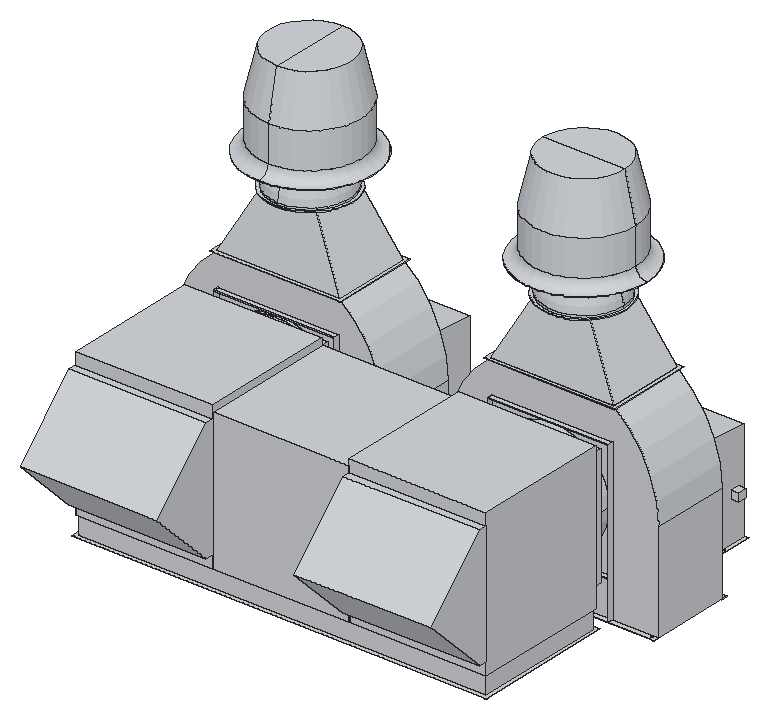
Revit family "Dual_CAVP_with_Mixing_Box", category Mechanical Equipment, Revit 2019 (continued)
Types (228): name | TRANSITION/2 | TRANSITION | RO2/2 | RO/2 | N_B_R+1.5" | MB_P+MB_P+.5 | E/52*30 | E/2-H/2 | E-N-N-H | E-(NOZZLE_RAD/3*2) | DUAL_Q-4.5" | DUAL_Q+.25" | DUAL_Q | R-((B/2)+1.5") | R+((B/2)+1.5") | R*1.1 | R | MB_P-4.5" | MB_P+.25" | P | NOZZLE_WB_RAD-2" | NOZZLE_WB_RAD | NOZZLE_WB_OD | NOZZLE_WB/4 | NOZZLE_TOP_RAD | NOZZLE_TOP_OD | NOZZLE_SIZE | NOZZLE_HEIGHT/7*2 | NOZZLE_HEIGHT | NOZZLE_BOTTOM_RAD-3*2 | NOZZLE_BOTTOM_RAD | NOZZLE_BOTTOM_ID | MB_N-(D-J-K-L) | N+(H/2) | N | MB_Q | MB_P | MB_N | MB_HEIGHT/2 | MB_HEIGHT | MB_F | MB_A | M-(2*(D-L-K-J)) | M | L | K | J+K+L | J | HEIGHT | H/2 | H | F/2 | MB_F-3" | F | E/52*15 | E/2 | E | D-M | D-L-K-J | D | CLASS | C/2 | C | B/4 | B/2 | B | A/2 | A | Type Comments | -MB_P-.25 | -MB_P | -MB_HEIGHT | -(F-((F-H)/2))/2 | -((MB_Q / 2) + 1/8") | (NOZZLE_WB_OD - NOZZLE_TOP_OD) / 4 | (NOZZLE_HEIGHT - (NOZZLE_HEIGHT / 8 * 2)) / 2 | (MB_Q/2)+.125" | (MB_P/2-.125")-((F / 2) - 2") | (MB_P/2-.125")+((F / 2) - 2") | (MB_P/2)+.125" | (M - (2 * (D - L - K - J)))/2 | (F-((F-H)/2))/2 | (E/2)-(E/52*15) | (E/2)-((MB_P/2)+.125") | (E/2)-((B/2)+1.5") | (D-J-K-L)*2 | (B/2)-.125" | (B/2)+1.5" | ((M - (2 * (D - L - K - J))) / 2) + (TRANSITION / 2)
  Dual_660_CAVP-36H_CLASS_2_With_Mixing_Box | 18.29639" | 36.59278" | 122 7/16" | 39 1/4" | 27 3/8" | 166 1/2" | 79.57933" | 31 5/8" | 2" | 51 23/32" | 244 7/8" | 249 5/8" | 249 3/8" | 27 1/2" | 102 1/2" | 71 1/2" | 65" | 78 1/2" | 83 1/4" | 29 1/2" | 43" | 45" | 90" | 18" | 29" | 58" | 36" | 23 3/4" | 95" | 19 7/8" | 25 7/8" | 51 3/4" | 12 1/4" | 66 31/32" | 29 5/8" | 83" | 83" | 13 5/8" | 46 3/4" | 93 1/2" | 24 1/4" | 252 3/8" | 51 3/16" | 53 15/16" | 56 1/4" | 38 5/8" | 109 7/8" | 15" | 125.23731" | 37 11/32" | 74 11/16" | 38 11/32" | 21 1/4" | 76 11/16" | 39.78966" | 68 31/32" | 137 15/16" | 57 5/16" | 1 3/8" | 111 1/4" | 2" | 80 1/8" | 160 1/4" | 18" | 36" | 72" | 135 1/8" | 270 1/4" | "Dual Vari-Plume Laboratory Exhaust Centrifugal Airfoil Class 2 Arr 10 With Mixing Box" | -83 1/4" | -83" | -93 1/2" | -36 11/32" | -41 5/8" | 8" | 35 5/8" | 41 5/8" | -5 1/32" | -77 23/32" | 41 5/8" | 25 19/32" | 36 11/32" | 29.17909" | 27 11/32" | 31 15/32" | 2 3/4" | 35 7/8" | 37 1/2" | 43.89014"
  Dual_660_CAVP-36L_CLASS_2_With_Mixing_Box | 18.29639" | 36.59278" | 122 7/16" | 39 1/4" | 27 3/8" | 166 1/2" | 79.57933" | 31 5/8" | 2" | 51 23/32" | 244 7/8" | 249 5/8" | 249 3/8" | 27 1/2" | 102 1/2" | 71 1/2" | 65" | 78 1/2" | 83 1/4" | 29 1/2" | 43" | 45" | 90" | 18" | 29" | 58" | 36" | 23 3/4" | 95" | 19 7/8" | 25 7/8" | 51 3/4" | 12 1/4" | 66 31/32" | 29 5/8" | 83" | 83" | 13 5/8" | 46 3/4" | 93 1/2" | 24 1/4" | 252 3/8" | 51 3/16" | 53 15/16" | 56 1/4" | 38 5/8" | 109 7/8" | 15" | 125.23731" | 37 11/32" | 74 11/16" | 38 11/32" | 21 1/4" | 76 11/16" | 39.78966" | 68 31/32" | 137 15/16" | 57 5/16" | 1 3/8" | 111 1/4" | 2" | 80 1/8" | 160 1/4" | 18" | 36" | 72" | 135 1/8" | 270 1/4" | "Dual Vari-Plume Laboratory Exhaust Centrifugal Airfoil Class 2 Arr 10 With Mixing Box" | -83 1/4" | -83" | -93 1/2" | -36 11/32" | -41 5/8" | 8" | 35 5/8" | 41 5/8" | -5 1/32" | -77 23/32" | 41 5/8" | 25 19/32" | 36 11/32" | 29.17909" | 27 11/32" | 31 15/32" | 2 3/4" | 35 7/8" | 37 1/2" | 43.89014"
  Dual_660_CAVP-49L_CLASS_2_With_Mixing_Box | 24.52777" | 49.05553" | 122 7/16" | 39 1/4" | 36 3/16" | 166 1/2" | 79.57933" | 31 5/8" | 2" | 45 27/32" | 244 7/8" | 249 5/8" | 249 3/8" | 27 1/2" | 102 1/2" | 71 1/2" | 65" | 78 1/2" | 83 1/4" | 29 1/2" | 48 1/2" | 50 1/2" | 101" | 20.2" | 38" | 76" | 49" | 27 1/2" | 110" | 28 11/16" | 34 11/16" | 69 3/8" | 12 1/4" | 66 31/32" | 29 5/8" | 83" | 83" | 13 5/8" | 46 3/4" | 93 1/2" | 24 1/4" | 252 3/8" | 51 3/16" | 53 15/16" | 56 1/4" | 38 5/8" | 109 7/8" | 15" | 125.23731" | 37 11/32" | 74 11/16" | 38 11/32" | 21 1/4" | 76 11/16" | 39.78966" | 68 31/32" | 137 15/16" | 57 5/16" | 1 3/8" | 111 1/4" | 2" | 80 1/8" | 160 1/4" | 18" | 36" | 72" | 135 1/8" | 270 1/4" | "Dual Vari-Plume Laboratory Exhaust Centrifugal Airfoil Class 2 Arr 10 With Mixing Box" | -83 1/4" | -83" | -93 1/2" | -36 11/32" | -41 5/8" | 6 1/4" | 41 1/4" | 41 5/8" | -5 1/32" | -77 23/32" | 41 5/8" | 25 19/32" | 36 11/32" | 29.17909" | 27 11/32" | 31 15/32" | 2 3/4" | 35 7/8" | 37 1/2" | 50.12152"
  Dual_730_CAVP-36H_CLASS_1_With_Mixing_Box | 18.29639" | 36.59278" | 132 15/16" | 42 3/4" | 27 3/8" | 180 1/2" | 87.90865" | 35 11/32" | 2" | 58 15/16" | 265 7/8" | 270 5/8" | 270 3/8" | 31" | 113" | 79.2" | 72" | 85 1/2" | 90 1/4" | 22 1/8" | 43" | 45" | 90" | 18" | 29" | 58" | 36" | 23 3/4" | 95" | 19 7/8" | 25 7/8" | 51 3/4" | 12 1/4" | 74 3/16" | 33 11/32" | 90" | 90" | 13 5/8" | 52" | 104" | 27 3/4" | 248 1/128" | 56 1/2" | 59 1/4" | 61 9/16" | 29 7/8" | 106 15/16" | 15 1/2" | 138.54216" | 40 27/32" | 81 11/16" | 41 27/32" | 24 3/4" | 83 11/16" | 43.95433" | 76 3/16" | 152 3/8" | 49 1/16" | 1 3/8" | 108 5/16" | 1" | 88 3/16" | 176 3/8" | 19 3/4" | 39 1/2" | 79" | 143 3/16" | 286 3/8" | "Dual Vari-Plume Laboratory Exhaust Centrifugal Airfoil Class 1 Arr 10 With Mixing Box" | -90 1/4" | -90" | -104" | -39 27/32" | -45 1/8" | 8" | 35 5/8" | 45 1/8" | -5 1/32" | -84 23/32" | 45 1/8" | 28 1/4" | 39 27/32" | 32.23317" | 31 1/16" | 35 3/16" | 2 3/4" | 39 3/8" | 41" | 46.54639"
  Dual_730_CAVP-36L_CLASS_1_With_Mixing_Box | 18.29639" | 36.59278" | 132 15/16" | 42 3/4" | 27 3/8" | 180 1/2" | 87.90865" | 35 11/32" | 2" | 58 15/16" | 265 7/8" | 270 5/8" | 270 3/8" | 31" | 113" | 79.2" | 72" | 85 1/2" | 90 1/4" | 22 1/8" | 43" | 45" | 90" | 18" | 29" | 58" | 36" | 23 3/4" | 95" | 19 7/8" | 25 7/8" | 51 3/4" | 12 1/4" | 74 3/16" | 33 11/32" | 90" | 90" | 13 5/8" | 52" | 104" | 27 3/4" | 261 11/16" | 56 1/2" | 59 1/4" | 61 9/16" | 29 7/8" | 106 15/16" | 15 1/2" | 138.54216" | 40 27/32" | 81 11/16" | 41 27/32" | 24 3/4" | 83 11/16" | 43.95433" | 76 3/16" | 152 3/8" | 49 1/16" | 1 3/8" | 108 5/16" | 1" | 88 3/16" | 176 3/8" | 19 3/4" | 39 1/2" | 79" | 143 3/16" | 286 3/8" | "Dual Vari-Plume Laboratory Exhaust Centrifugal Airfoil Class 1 Arr 10 With Mixing Box" | -90 1/4" | -90" | -104" | -39 27/32" | -45 1/8" | 8" | 35 5/8" | 45 1/8" | -5 1/32" | -84 23/32" | 45 1/8" | 28 1/4" | 39 27/32" | 32.23317" | 31 1/16" | 35 3/16" | 2 3/4" | 39 3/8" | 41" | 46.54639"
  Dual_730_CAVP-49H_CLASS_1_With_Mixing_Box | 24.52777" | 49.05553" | 132 15/16" | 42 3/4" | 36 3/16" | 180 1/2" | 87.90865" | 35 11/32" | 2" | 53 1/16" | 265 7/8" | 270 5/8" | 270 3/8" | 31" | 113" | 79.2" | 72" | 85 1/2" | 90 1/4" | 22 1/8" | 48 1/2" | 50 1/2" | 101" | 20.2" | 38" | 76" | 49" | 27 1/2" | 110" | 28 11/16" | 34 11/16" | 69 3/8" | 12 1/4" | 74 3/16" | 33 11/32" | 90" | 90" | 13 5/8" | 52" | 104" | 27 3/4" | 261 11/16" | 56 1/2" | 59 1/4" | 61 9/16" | 29 7/8" | 106 15/16" | 15 1/2" | 138.54216" | 40 27/32" | 81 11/16" | 41 27/32" | 24 3/4" | 83 11/16" | 43.95433" | 76 3/16" | 152 3/8" | 49 1/16" | 1 3/8" | 108 5/16" | 1" | 88 3/16" | 176 3/8" | 19 3/4" | 39 1/2" | 79" | 143 3/16" | 286 3/8" | "Dual Vari-Plume Laboratory Exhaust Centrifugal Airfoil Class 1 Arr 10 With Mixing Box" | -90 1/4" | -90" | -104" | -39 27/32" | -45 1/8" | 6 1/4" | 41 1/4" | 45 1/8" | -5 1/32" | -84 23/32" | 45 1/8" | 28 1/4" | 39 27/32" | 32.23317" | 31 1/16" | 35 3/16" | 2 3/4" | 39 3/8" | 41" | 52.77777"
  Dual_730_CAVP-49L_CLASS_1_With_Mixing_Box | 24.52777" | 49.05553" | 132 15/16" | 42 3/4" | 36 3/16" | 180 1/2" | 87.90865" | 35 11/32" | 2" | 53 1/16" | 265 7/8" | 270 5/8" | 270 3/8" | 31" | 113" | 79.2" | 72" | 85 1/2" | 90 1/4" | 22 1/8" | 48 1/2" | 50 1/2" | 101" | 20.2" | 38" | 76" | 49" | 27 1/2" | 110" | 28 11/16" | 34 11/16" | 69 3/8" | 12 1/4" | 74 3/16" | 33 11/32" | 90" | 90" | 13 5/8" | 52" | 104" | 27 3/4" | 261 11/16" | 56 1/2" | 59 1/4" | 61 9/16" | 29 7/8" | 106 15/16" | 15 1/2" | 138.54216" | 40 27/32" | 81 11/16" | 41 27/32" | 24 3/4" | 83 11/16" | 43.95433" | 76 3/16" | 152 3/8" | 49 1/16" | 1 3/8" | 108 5/16" | 1" | 88 3/16" | 176 3/8" | 19 3/4" | 39 1/2" | 79" | 143 3/16" | 286 3/8" | "Dual Vari-Plume Laboratory Exhaust Centrifugal Airfoil Class 1 Arr 10 With Mixing Box" | -90 1/4" | -90" | -104" | -39 27/32" | -45 1/8" | 6 1/4" | 41 1/4" | 45 1/8" | -5 1/32" | -84 23/32" | 45 1/8" | 28 1/4" | 39 27/32" | 32.23317" | 31 1/16" | 35 3/16" | 2 3/4" | 39 3/8" | 41" | 52.77777"
  Dual_730_CAVP-36H_CLASS_2_With_Mixing_Box | 18.29639" | 36.59278" | 132 15/16" | 42 3/4" | 27 3/8" | 180 1/2" | 87.90865" | 35 11/32" | 2" | 58 15/16" | 265 7/8" | 270 5/8" | 270 3/8" | 31" | 113" | 79.2" | 72" | 85 1/2" | 90 1/4" | 29 1/2" | 43" | 45" | 90" | 18" | 29" | 58" | 36" | 23 3/4" | 95" | 19 7/8" | 25 7/8" | 51 3/4" | 12 1/4" | 74 3/16" | 33 11/32" | 90" | 90" | 13 5/8" | 52" | 104" | 27 3/4" | 270 7/16" | 56 1/2" | 59 1/4" | 61 1/2" | 38 5/8" | 115 5/8" | 15 1/2" | 138.54216" | 40 27/32" | 81 11/16" | 41 27/32" | 24 3/4" | 83 11/16" | 43.95433" | 76 3/16" | 152 3/8" | 57 3/4" | 1 3/8" | 117" | 2" | 88 3/16" | 176 3/8" | 19 3/4" | 39 1/2" | 79" | 143 3/16" | 286 3/8" | "Dual Vari-Plume Laboratory Exhaust Centrifugal Airfoil Class 2 Arr 10 With Mixing Box" | -90 1/4" | -90" | -104" | -39 27/32" | -45 1/8" | 8" | 35 5/8" | 45 1/8" | -5 1/32" | -84 23/32" | 45 1/8" | 28 1/4" | 39 27/32" | 32.23317" | 31 1/16" | 35 3/16" | 2 3/4" | 39 3/8" | 41" | 46.54639"
  Dual_730_CAVP-36L_CLASS_2_With_Mixing_Box | 18.29639" | 36.59278" | 132 15/16" | 42 3/4" | 27 3/8" | 180 1/2" | 87.90865" | 35 11/32" | 2" | 58 15/16" | 265 7/8" | 270 5/8" | 270 3/8" | 31" | 113" | 79.2" | 72" | 85 1/2" | 90 1/4" | 29 1/2" | 43" | 45" | 90" | 18" | 29" | 58" | 36" | 23 3/4" | 95" | 19 7/8" | 25 7/8" | 51 3/4" | 12 1/4" | 74 3/16" | 33 11/32" | 90" | 90" | 13 5/8" | 52" | 104" | 27 3/4" | 270 7/16" | 56 1/2" | 59 1/4" | 61 1/2" | 38 5/8" | 115 5/8" | 15 1/2" | 138.54216" | 40 27/32" | 81 11/16" | 41 27/32" | 24 3/4" | 83 11/16" | 43.95433" | 76 3/16" | 152 3/8" | 57 3/4" | 1 3/8" | 117" | 2" | 88 3/16" | 176 3/8" | 19 3/4" | 39 1/2" | 79" | 143 3/16" | 286 3/8" | "Dual Vari-Plume Laboratory Exhaust Centrifugal Airfoil Class 2 Arr 10 With Mixing Box" | -90 1/4" | -90" | -104" | -39 27/32" | -45 1/8" | 8" | 35 5/8" | 45 1/8" | -5 1/32" | -84 23/32" | 45 1/8" | 28 1/4" | 39 27/32" | 32.23317" | 31 1/16" | 35 3/16" | 2 3/4" | 39 3/8" | 41" | 46.54639"
  Dual_730_CAVP-49H_CLASS_2_With_Mixing_Box | 24.52777" | 49.05553" | 132 15/16" | 42 3/4" | 36 3/16" | 180 1/2" | 87.90865" | 35 11/32" | 2" | 53 1/16" | 265 7/8" | 270 5/8" | 270 3/8" | 31" | 113" | 79.2" | 72" | 85 1/2" | 90 1/4" | 29 1/2" | 48 1/2" | 50 1/2" | 101" | 20.2" | 38" | 76" | 49" | 27 1/2" | 110" | 28 11/16" | 34 11/16" | 69 3/8" | 12 1/4" | 74 3/16" | 33 11/32" | 90" | 90" | 13 5/8" | 52" | 104" | 27 3/4" | 270 7/16" | 56 1/2" | 59 1/4" | 61 1/2" | 38 5/8" | 115 5/8" | 15 1/2" | 138.54216" | 40 27/32" | 81 11/16" | 41 27/32" | 24 3/4" | 83 11/16" | 43.95433" | 76 3/16" | 152 3/8" | 57 3/4" | 1 3/8" | 117" | 2" | 88 3/16" | 176 3/8" | 19 3/4" | 39 1/2" | 79" | 143 3/16" | 286 3/8" | "Dual Vari-Plume Laboratory Exhaust Centrifugal Airfoil Class 2 Arr 10 With Mixing Box" | -90 1/4" | -90" | -104" | -39 27/32" | -45 1/8" | 6 1/4" | 41 1/4" | 45 1/8" | -5 1/32" | -84 23/32" | 45 1/8" | 28 1/4" | 39 27/32" | 32.23317" | 31 1/16" | 35 3/16" | 2 3/4" | 39 3/8" | 41" | 52.77777"
  Dual_730_CAVP-49L_CLASS_2_With_Mixing_Box | 24.52777" | 49.05553" | 132 15/16" | 42 3/4" | 36 3/16" | 180 1/2" | 87.90865" | 35 11/32" | 2" | 53 1/16" | 265 7/8" | 270 5/8" | 270 3/8" | 31" | 113" | 79.2" | 72" | 85 1/2" | 90 1/4" | 29 1/2" | 48 1/2" | 50 1/2" | 101" | 20.2" | 38" | 76" | 49" | 27 1/2" | 110" | 28 11/16" | 34 11/16" | 69 3/8" | 12 1/4" | 74 3/16" | 33 11/32" | 90" | 90" | 13 5/8" | 52" | 104" | 27 3/4" | 270 7/16" | 56 1/2" | 59 1/4" | 61 1/2" | 38 5/8" | 115 5/8" | 15 1/2" | 138.54216" | 40 27/32" | 81 11/16" | 41 27/32" | 24 3/4" | 83 11/16" | 43.95433" | 76 3/16" | 152 3/8" | 57 3/4" | 1 3/8" | 117" | 2" | 88 3/16" | 176 3/8" | 19 3/4" | 39 1/2" | 79" | 143 3/16" | 286 3/8" | "Dual Vari-Plume Laboratory Exhaust Centrifugal Airfoil Class 2 Arr 10 With Mixing Box" | -90 1/4" | -90" | -104" | -39 27/32" | -45 1/8" | 6 1/4" | 41 1/4" | 45 1/8" | -5 1/32" | -84 23/32" | 45 1/8" | 28 1/4" | 39 27/32" | 32.23317" | 31 1/16" | 35 3/16" | 2 3/4" | 39 3/8" | 41" | 52.77777"
  Dual_225_CAVP-15H_CLASS_1_With_Mixing_Box | 7.5572" | 15.11441" | 54 15/16" | 16 3/4" | 12 3/16" | 76 1/2" | 27.8726" | 10 11/32" | 2" | 17 1/32" | 109 7/8" | 114 5/8" | 114 3/8" | 9 1/32" | 39 15/32" | 26.675" | 24 1/4" | 33 1/2" | 38 1/4" | 60" | 16" | 18" | 36" | 7.2" | 11 1/2" | 23" | 15" | 10 3/4" | 43" | 4 11/16" | 10 11/16" | 21 3/8" | 13 3/16" | 22 5/32" | 8 11/32" | 38" | 38" | 14 3/16" | 21 5/8" | 43 1/4" | 5 3/4" | 117 5/8" | 17 7/16" | 19 7/16" | 21 7/16" | 15 1/8" | 45 1/16" | 8 1/2" | 45.34807" | 13 13/16" | 27 5/8" | 14 13/16" | 2 3/4" | 29 5/8" | 13.9363" | 24 5/32" | 48 5/16" | 26 5/8" | 1" | 46 1/16" | 1" | 29 19/32" | 59 3/16" | 6 55/64" | 13 23/32" | 27 7/16" | 53 11/32" | 106 11/16" | "Dual Vari-Plume Laboratory Exhaust Centrifugal Airfoil Class 1 Arr 10 With Mixing Box" | -38 1/4" | -38" | -43 1/4" | -12 13/16" | -19 1/8" | 3 1/4" | 16 1/8" | 19 1/8" | -6 1/16" | -31 11/16" | 19 1/8" | 8 23/32" | 12 13/16" | 10.21995" | 5 1/32" | 8 15/16" | 2" | 13 19/32" | 15 7/32" | 16.27595"
  Dual_270_CAVP-21H_CLASS_1_With_Mixing_Box | 10.16466" | 20.32932" | 62 7/16" | 19 1/4" | 15 7/8" | 86 1/2" | 33.20913" | 12 19/32" | 2" | 19.19792" | 124 7/8" | 129 5/8" | 129 3/8" | 9 17/32" | 44 15/32" | 29.7" | 27" | 38 1/2" | 43 1/4" | 60" | 22 1/2" | 24 1/2" | 49" | 9.8" | 15 3/8" | 30 3/4" | 21" | 13 3/16" | 52 3/4" | 8 3/8" | 14 3/8" | 28 3/4" | 13 3/16" | 26 25/32" | 10 19/32" | 43" | 43" | 14 3/16" | 23 7/8" | 47 3/4" | 6 1/4" | 132 7/16" | 20 7/8" | 22 7/8" | 24 7/8" | 19 1/8" | 53 1/2" | 9 1/2" | 52.13754" | 16 3/16" | 32 3/8" | 17 3/16" | 3 1/4" | 34 3/8" | 16.60457" | 28 25/32" | 57 9/16" | 31 5/8" | 1" | 54 1/2" | 1" | 34 15/32" | 68 15/16" | 7 63/64" | 15 31/32" | 31 15/16" | 58 7/32" | 116 7/16" | "Dual Vari-Plume Laboratory Exhaust Centrifugal Airfoil Class 1 Arr 10 With Mixing Box" | -43 1/4" | -43" | -47 3/4" | -15 3/16" | -21 5/8" | 4 9/16" | 19 25/32" | 21 5/8" | -6 3/16" | -36 9/16" | 21 5/8" | 10 7/16" | 15 3/16" | 12.17668" | 7 5/32" | 11 5/16" | 2" | 15 27/32" | 17 15/32" | 20.60216"
  Dual_270_CAVP-21L_CLASS_1_With_Mixing_Box | 10.16466" | 20.32932" | 62 7/16" | 19 1/4" | 15 7/8" | 86 1/2" | 33.20913" | 12 19/32" | 2" | 19.19792" | 124 7/8" | 129 5/8" | 129 3/8" | 9 17/32" | 44 15/32" | 29.7" | 27" | 38 1/2" | 43 1/4" | 60" | 22 1/2" | 24 1/2" | 49" | 9.8" | 15 3/8" | 30 3/4" | 21" | 13 3/16" | 52 3/4" | 8 3/8" | 14 3/8" | 28 3/4" | 13 3/16" | 26 25/32" | 10 19/32" | 43" | 43" | 14 3/16" | 23 7/8" | 47 3/4" | 6 1/4" | 132 7/16" | 20 7/8" | 22 7/8" | 24 7/8" | 19 1/8" | 53 1/2" | 9 1/2" | 52.13754" | 16 3/16" | 32 3/8" | 17 3/16" | 3 1/4" | 34 3/8" | 16.60457" | 28 25/32" | 57 9/16" | 31 5/8" | 1" | 54 1/2" | 1" | 34 15/32" | 68 15/16" | 7 63/64" | 15 31/32" | 31 15/16" | 58 7/32" | 116 7/16" | "Dual Vari-Plume Laboratory Exhaust Centrifugal Airfoil Class 1 Arr 10 With Mixing Box" | -43 1/4" | -43" | -47 3/4" | -15 3/16" | -21 5/8" | 4 9/16" | 19 25/32" | 21 5/8" | -6 3/16" | -36 9/16" | 21 5/8" | 10 7/16" | 15 3/16" | 12.17668" | 7 5/32" | 11 5/16" | 2" | 15 27/32" | 17 15/32" | 20.60216"
  Dual_270_CAVP-21H_CLASS_2_With_Mixing_Box | 10.16466" | 20.32932" | 62 7/16" | 19 1/4" | 15 7/8" | 86 1/2" | 33.20913" | 12 19/32" | 2 19/32" | 19.19792" | 124 7/8" | 129 5/8" | 129 3/8" | 9 17/32" | 44 15/32" | 29.7" | 27" | 38 1/2" | 43 1/4" | 60" | 22 1/2" | 24 1/2" | 49" | 9.8" | 15 3/8" | 30 3/4" | 21" | 13 3/16" | 52 3/4" | 8 3/8" | 14 3/8" | 28 3/4" | 13 3/16" | 26 3/16" | 10" | 43" | 43" | 14 3/16" | 23 7/8" | 47 3/4" | 6 1/4" | 134 7/16" | 20 7/8" | 22 7/8" | 24 7/8" | 21 3/8" | 55 1/2" | 9 1/4" | 52.13754" | 16 3/16" | 32 3/8" | 17 3/16" | 3 1/4" | 34 3/8" | 16.60457" | 28 25/32" | 57 9/16" | 33 5/8" | 1" | 56 1/2" | 2" | 34 15/32" | 68 15/16" | 7 63/64" | 15 31/32" | 31 15/16" | 58 7/32" | 116 7/16" | "Dual Vari-Plume Laboratory Exhaust Centrifugal Airfoil Class 2 Arr 10 With Mixing Box" | -43 1/4" | -43" | -47 3/4" | -15 3/16" | -21 5/8" | 4 9/16" | 19 25/32" | 21 5/8" | -6 3/16" | -36 9/16" | 21 5/8" | 10 7/16" | 15 3/16" | 12.17668" | 7 5/32" | 11 5/16" | 2" | 15 27/32" | 17 15/32" | 20.60216"
  Dual_270_CAVP-21L_CLASS_2_With_Mixing_Box | 10.16466" | 20.32932" | 62 7/16" | 19 1/4" | 15 7/8" | 86 1/2" | 33.20913" | 12 19/32" | 2 19/32" | 19.19792" | 124 7/8" | 129 5/8" | 129 3/8" | 9 17/32" | 44 15/32" | 29.7" | 27" | 38 1/2" | 43 1/4" | 60" | 22 1/2" | 24 1/2" | 49" | 9.8" | 15 3/8" | 30 3/4" | 21" | 13 3/16" | 52 3/4" | 8 3/8" | 14 3/8" | 28 3/4" | 13 3/16" | 26 3/16" | 10" | 43" | 43" | 14 3/16" | 23 7/8" | 47 3/4" | 6 1/4" | 134 7/16" | 20 7/8" | 22 7/8" | 24 7/8" | 21 3/8" | 55 1/2" | 9 1/4" | 52.13754" | 16 3/16" | 32 3/8" | 17 3/16" | 3 1/4" | 34 3/8" | 16.60457" | 28 25/32" | 57 9/16" | 33 5/8" | 1" | 56 1/2" | 2" | 34 15/32" | 68 15/16" | 7 63/64" | 15 31/32" | 31 15/16" | 58 7/32" | 116 7/16" | "Dual Vari-Plume Laboratory Exhaust Centrifugal Airfoil Class 2 Arr 10 With Mixing Box" | -43 1/4" | -43" | -47 3/4" | -15 3/16" | -21 5/8" | 4 9/16" | 19 25/32" | 21 5/8" | -6 3/16" | -36 9/16" | 21 5/8" | 10 7/16" | 15 3/16" | 12.17668" | 7 5/32" | 11 5/16" | 2" | 15 27/32" | 17 15/32" | 20.60216"
  Dual_300_CAVP-21H_CLASS_1_With_Mixing_Box | 10.16466" | 20.32932" | 66 15/16" | 20 3/4" | 15 7/8" | 92 1/2" | 36.77885" | 14 3/16" | 2" | 22.29167" | 133 7/8" | 138 5/8" | 138 3/8" | 11 1/32" | 48 31/32" | 33" | 30" | 41 1/2" | 46 1/4" | 60" | 22 1/2" | 24 1/2" | 49" | 9.8" | 15 3/8" | 30 3/4" | 21" | 13 3/16" | 52 3/4" | 8 3/8" | 14 3/8" | 28 3/4" | 13 3/16" | 29 7/8" | 12 3/16" | 46" | 46" | 14 3/16" | 25 3/8" | 50 3/4" | 7 3/4" | 140 1/8" | 23 3/16" | 25 3/16" | 27 3/16" | 19 1/8" | 56 5/16" | 10" | 57.83963" | 17 11/16" | 35 3/8" | 18 11/16" | 4 3/4" | 37 3/8" | 18.38942" | 31 7/8" | 63 3/4" | 32 1/8" | 1" | 57 5/16" | 1" | 37 15/32" | 74 15/16" | 8 47/64" | 17 15/32" | 34 15/16" | 61 7/32" | 122 7/16" | "Dual Vari-Plume Laboratory Exhaust Centrifugal Airfoil Class 1 Arr 10 With Mixing Box" | -46 1/4" | -46" | -50 3/4" | -16 11/16" | -23 1/8" | 4 9/16" | 19 25/32" | 23 1/8" | -6 3/16" | -39 9/16" | 23 1/8" | 11 19/32" | 16 11/16" | 13.48558" | 8 3/4" | 12 29/32" | 2" | 17 11/32" | 18 31/32" | 21.75841"
  Dual_300_CAVP-21L_CLASS_1_With_Mixing_Box | 10.16466" | 20.32932" | 66 15/16" | 20 3/4" | 15 7/8" | 92 1/2" | 36.77885" | 14 3/16" | 2" | 22.29167" | 133 7/8" | 138 5/8" | 138 3/8" | 11 1/32" | 48 31/32" | 33" | 30" | 41 1/2" | 46 1/4" | 60" | 22 1/2" | 24 1/2" | 49" | 9.8" | 15 3/8" | 30 3/4" | 21" | 13 3/16" | 52 3/4" | 8 3/8" | 14 3/8" | 28 3/4" | 13 3/16" | 29 7/8" | 12 3/16" | 46" | 46" | 14 3/16" | 25 3/8" | 50 3/4" | 7 3/4" | 140 1/8" | 23 3/16" | 25 3/16" | 27 3/16" | 19 1/8" | 56 5/16" | 10" | 57.83963" | 17 11/16" | 35 3/8" | 18 11/16" | 4 3/4" | 37 3/8" | 18.38942" | 31 7/8" | 63 3/4" | 32 1/8" | 1" | 57 5/16" | 1" | 37 15/32" | 74 15/16" | 8 47/64" | 17 15/32" | 34 15/16" | 61 7/32" | 122 7/16" | "Dual Vari-Plume Laboratory Exhaust Centrifugal Airfoil Class 1 Arr 10 With Mixing Box" | -46 1/4" | -46" | -50 3/4" | -16 11/16" | -23 1/8" | 4 9/16" | 19 25/32" | 23 1/8" | -6 3/16" | -39 9/16" | 23 1/8" | 11 19/32" | 16 11/16" | 13.48558" | 8 3/4" | 12 29/32" | 2" | 17 11/32" | 18 31/32" | 21.75841"
  Dual_300_CAVP-21H_CLASS_2_With_Mixing_Box | 10.16466" | 20.32932" | 66 15/16" | 20 3/4" | 15 7/8" | 92 1/2" | 36.77885" | 14 3/16" | 2" | 22.29167" | 133 7/8" | 138 5/8" | 138 3/8" | 11 1/32" | 48 31/32" | 33" | 30" | 41 1/2" | 46 1/4" | 18 1/4" | 22 1/2" | 24 1/2" | 49" | 9.8" | 15 3/8" | 30 3/4" | 21" | 13 3/16" | 52 3/4" | 8 3/8" | 14 3/8" | 28 3/4" | 13 3/16" | 29 7/8" | 12 3/16" | 46" | 46" | 14 3/16" | 25 3/8" | 50 3/4" | 7 3/4" | 144" | 23 3/16" | 25 3/16" | 27 3/16" | 23" | 60 3/16" | 10" | 57.83963" | 17 11/16" | 35 3/8" | 18 11/16" | 4 3/4" | 37 3/8" | 18.38942" | 31 7/8" | 63 3/4" | 36" | 1" | 61 3/16" | 2" | 37 15/32" | 74 15/16" | 8 47/64" | 17 15/32" | 34 15/16" | 61 7/32" | 122 7/16" | "Dual Vari-Plume Laboratory Exhaust Centrifugal Airfoil Class 2 Arr 10 With Mixing Box" | -46 1/4" | -46" | -50 3/4" | -16 11/16" | -23 1/8" | 4 9/16" | 19 25/32" | 23 1/8" | -6 3/16" | -39 9/16" | 23 1/8" | 11 19/32" | 16 11/16" | 13.48558" | 8 3/4" | 12 29/32" | 2" | 17 11/32" | 18 31/32" | 21.75841"
  Dual_300_CAVP-21L_CLASS_2_With_Mixing_Box | 10.16466" | 20.32932" | 66 15/16" | 20 3/4" | 15 7/8" | 92 1/2" | 36.77885" | 14 3/16" | 2" | 22.29167" | 133 7/8" | 138 5/8" | 138 3/8" | 11 1/32" | 48 31/32" | 33" | 30" | 41 1/2" | 46 1/4" | 18 1/4" | 22 1/2" | 24 1/2" | 49" | 9.8" | 15 3/8" | 30 3/4" | 21" | 13 3/16" | 52 3/4" | 8 3/8" | 14 3/8" | 28 3/4" | 13 3/16" | 29 7/8" | 12 3/16" | 46" | 46" | 14 3/16" | 25 3/8" | 50 3/4" | 7 3/4" | 144" | 23 3/16" | 25 3/16" | 27 3/16" | 23" | 60 3/16" | 10" | 57.83963" | 17 11/16" | 35 3/8" | 18 11/16" | 4 3/4" | 37 3/8" | 18.38942" | 31 7/8" | 63 3/4" | 36" | 1" | 61 3/16" | 2" | 37 15/32" | 74 15/16" | 8 47/64" | 17 15/32" | 34 15/16" | 61 7/32" | 122 7/16" | "Dual Vari-Plume Laboratory Exhaust Centrifugal Airfoil Class 2 Arr 10 With Mixing Box" | -46 1/4" | -46" | -50 3/4" | -16 11/16" | -23 1/8" | 4 9/16" | 19 25/32" | 23 1/8" | -6 3/16" | -39 9/16" | 23 1/8" | 11 19/32" | 16 11/16" | 13.48558" | 8 3/4" | 12 29/32" | 2" | 17 11/32" | 18 31/32" | 21.75841"
  Dual_330_CAVP-21H_CLASS_1_With_Mixing_Box | 10.16466" | 20.32932" | 71 7/16" | 22 1/4" | 15 7/8" | 98 1/2" | 40.34856" | 15 25/32" | 2" | 25.38542" | 142 7/8" | 147 5/8" | 147 3/8" | 12 17/32" | 53 15/32" | 36.3" | 33" | 44 1/2" | 49 1/4" | 60" | 22 1/2" | 24 1/2" | 49" | 9.8" | 15 3/8" | 30 3/4" | 21" | 13 3/16" | 52 3/4" | 8 3/8" | 14 3/8" | 28 3/4" | 13 3/16" | 32 31/32" | 13 25/32" | 49" | 49" | 14 3/16" | 26 7/8" | 53 3/4" | 9 1/4" | 148 1/16" | 25 1/2" | 27 1/2" | 29 1/2" | 19 1/4" | 59 1/4" | 10 1/2" | 63.54171" | 19 3/16" | 38 3/8" | 20 3/16" | 6 1/4" | 40 3/8" | 20.17428" | 34 31/32" | 69 15/16" | 32 3/4" | 1" | 60 1/4" | 1" | 41 13/32" | 82 13/16" | 9 31/64" | 18 31/32" | 37 15/16" | 72 7/32" | 144 7/16" | "Dual Vari-Plume Laboratory Exhaust Centrifugal Airfoil Class 1 Arr 10 With Mixing Box" | -49 1/4" | -49" | -53 3/4" | -18 3/16" | -24 5/8" | 4 9/16" | 19 25/32" | 24 5/8" | -6 3/16" | -42 9/16" | 24 5/8" | 12 3/4" | 18 3/16" | 14.79447" | 10 11/32" | 14 1/2" | 2" | 18 27/32" | 20 15/32" | 22.91466"
  Dual_330_CAVP-21L_CLASS_1_With_Mixing_Box | 10.16466" | 20.32932" | 71 7/16" | 22 1/4" | 15 7/8" | 98 1/2" | 40.34856" | 15 25/32" | 2" | 25.38542" | 142 7/8" | 147 5/8" | 147 3/8" | 12 17/32" | 53 15/32" | 36.3" | 33" | 44 1/2" | 49 1/4" | 60" | 22 1/2" | 24 1/2" | 49" | 9.8" | 15 3/8" | 30 3/4" | 21" | 13 3/16" | 52 3/4" | 8 3/8" | 14 3/8" | 28 3/4" | 13 3/16" | 32 31/32" | 13 25/32" | 49" | 49" | 14 3/16" | 26 7/8" | 53 3/4" | 9 1/4" | 148 1/16" | 25 1/2" | 27 1/2" | 29 1/2" | 19 1/4" | 59 1/4" | 10 1/2" | 63.54171" | 19 3/16" | 38 3/8" | 20 3/16" | 6 1/4" | 40 3/8" | 20.17428" | 34 31/32" | 69 15/16" | 32 3/4" | 1" | 60 1/4" | 1" | 41 13/32" | 82 13/16" | 9 31/64" | 18 31/32" | 37 15/16" | 72 7/32" | 144 7/16" | "Dual Vari-Plume Laboratory Exhaust Centrifugal Airfoil Class 1 Arr 10 With Mixing Box" | -49 1/4" | -49" | -53 3/4" | -18 3/16" | -24 5/8" | 4 9/16" | 19 25/32" | 24 5/8" | -6 3/16" | -42 9/16" | 24 5/8" | 12 3/4" | 18 3/16" | 14.79447" | 10 11/32" | 14 1/2" | 2" | 18 27/32" | 20 15/32" | 22.91466"
  Dual_330_CAVP-21H_CLASS_2_With_Mixing_Box | 10.16466" | 20.32932" | 71 7/16" | 22 1/4" | 15 7/8" | 98 1/2" | 40.34856" | 15 25/32" | 2" | 25.38542" | 142 7/8" | 147 5/8" | 147 3/8" | 12 17/32" | 53 15/32" | 36.3" | 33" | 44 1/2" | 49 1/4" | 60" | 22 1/2" | 24 1/2" | 49" | 9.8" | 15 3/8" | 30 3/4" | 21" | 13 3/16" | 52 3/4" | 8 3/8" | 14 3/8" | 28 3/4" | 13 3/16" | 32 31/32" | 13 25/32" | 49" | 49" | 14 3/16" | 26 7/8" | 53 3/4" | 9 1/4" | 151 13/16" | 25 1/2" | 27 1/2" | 29 1/2" | 23" | 63" | 10 1/2" | 63.54171" | 19 3/16" | 38 3/8" | 20 3/16" | 6 1/4" | 40 3/8" | 20.17428" | 34 31/32" | 69 15/16" | 36 1/2" | 1" | 64" | 2" | 41 13/32" | 82 13/16" | 9 31/64" | 18 31/32" | 37 15/16" | 72 7/32" | 144 7/16" | "Dual Vari-Plume Laboratory Exhaust Centrifugal Airfoil Class 2 Arr 10 With Mixing Box" | -49 1/4" | -49" | -53 3/4" | -18 3/16" | -24 5/8" | 4 9/16" | 19 25/32" | 24 5/8" | -6 3/16" | -42 9/16" | 24 5/8" | 12 3/4" | 18 3/16" | 14.79447" | 10 11/32" | 14 1/2" | 2" | 18 27/32" | 20 15/32" | 22.91466"
  Dual_330_CAVP-21L_CLASS_2_With_Mixing_Box | 10.16466" | 20.32932" | 71 7/16" | 22 1/4" | 15 7/8" | 98 1/2" | 40.34856" | 15 25/32" | 2" | 25.38542" | 142 7/8" | 147 5/8" | 147 3/8" | 12 17/32" | 53 15/32" | 36.3" | 33" | 44 1/2" | 49 1/4" | 60" | 22 1/2" | 24 1/2" | 49" | 9.8" | 15 3/8" | 30 3/4" | 21" | 13 3/16" | 52 3/4" | 8 3/8" | 14 3/8" | 28 3/4" | 13 3/16" | 32 31/32" | 13 25/32" | 49" | 49" | 14 3/16" | 26 7/8" | 53 3/4" | 9 1/4" | 151 13/16" | 25 1/2" | 27 1/2" | 29 1/2" | 23" | 63" | 10 1/2" | 63.54171" | 19 3/16" | 38 3/8" | 20 3/16" | 6 1/4" | 40 3/8" | 20.17428" | 34 31/32" | 69 15/16" | 36 1/2" | 1" | 64" | 2" | 41 13/32" | 82 13/16" | 9 31/64" | 18 31/32" | 37 15/16" | 72 7/32" | 144 7/16" | "Dual Vari-Plume Laboratory Exhaust Centrifugal Airfoil Class 2 Arr 10 With Mixing Box" | -49 1/4" | -49" | -53 3/4" | -18 3/16" | -24 5/8" | 4 9/16" | 19 25/32" | 24 5/8" | -6 3/16" | -42 9/16" | 24 5/8" | 12 3/4" | 18 3/16" | 14.79447" | 10 11/32" | 14 1/2" | 2" | 18 27/32" | 20 15/32" | 22.91466"
  Dual_365_CAVP-21H_CLASS_1_With_Mixing_Box | 10.16466" | 20.32932" | 75 15/16" | 23 3/4" | 15 7/8" | 104 1/2" | 44.60337" | 17 7/32" | 2" | 29.07292" | 151 7/8" | 156 5/8" | 156 3/8" | 13 9/32" | 58 23/32" | 39.6" | 36" | 47 1/2" | 52 1/4" | 18 1/4" | 22 1/2" | 24 1/2" | 49" | 9.8" | 15 3/8" | 30 3/4" | 21" | 13 3/16" | 52 3/4" | 8 3/8" | 14 3/8" | 28 3/4" | 13 3/16" | 36 21/32" | 15 7/32" | 52" | 52" | 14 3/16" | 29 1/8" | 58 1/4" | 10 1/2" | 160 5/16" | 28 1/8" | 30 1/8" | 32 1/8" | 22 3/4" | 65 7/8" | 11" | 69.76237" | 21 7/16" | 42 7/8" | 22 7/16" | 7 1/2" | 44 7/8" | 22.30168" | 38 21/32" | 77 5/16" | 36 3/4" | 1" | 66 7/8" | 1" | 46 3/32" | 92 3/16" | 10 39/64" | 21 7/32" | 42 7/16" | 76 29/32" | 153 13/16" | "Dual Vari-Plume Laboratory Exhaust Centrifugal Airfoil Class 1 Arr 10 With Mixing Box" | -52 1/4" | -52" | -58 1/4" | -20 7/16" | -26 1/8" | 4 9/16" | 19 25/32" | 26 1/8" | -5 7/16" | -46 5/16" | 26 1/8" | 14 1/16" | 20 7/16" | 16.35457" | 12 17/32" | 15 15/16" | 2" | 21 3/32" | 22 23/32" | 24.22716"
  Dual_365_CAVP-21L_CLASS_1_With_Mixing_Box | 10.16466" | 20.32932" | 75 15/16" | 23 3/4" | 15 7/8" | 104 1/2" | 44.60337" | 17 7/32" | 2" | 29.07292" | 151 7/8" | 156 5/8" | 156 3/8" | 13 9/32" | 58 23/32" | 39.6" | 36" | 47 1/2" | 52 1/4" | 18 1/4" | 22 1/2" | 24 1/2" | 49" | 9.8" | 15 3/8" | 30 3/4" | 21" | 13 3/16" | 52 3/4" | 8 3/8" | 14 3/8" | 28 3/4" | 13 3/16" | 36 21/32" | 15 7/32" | 52" | 52" | 14 3/16" | 29 1/8" | 58 1/4" | 10 1/2" | 160 5/16" | 28 1/8" | 30 1/8" | 32 1/8" | 22 3/4" | 65 7/8" | 11" | 69.76237" | 21 7/16" | 42 7/8" | 22 7/16" | 7 1/2" | 44 7/8" | 22.30168" | 38 21/32" | 77 5/16" | 36 3/4" | 1" | 66 7/8" | 1" | 46 3/32" | 92 3/16" | 10 39/64" | 21 7/32" | 42 7/16" | 76 29/32" | 153 13/16" | "Dual Vari-Plume Laboratory Exhaust Centrifugal Airfoil Class 1 Arr 10 With Mixing Box" | -52 1/4" | -52" | -58 1/4" | -20 7/16" | -26 1/8" | 4 9/16" | 19 25/32" | 26 1/8" | -5 7/16" | -46 5/16" | 26 1/8" | 14 1/16" | 20 7/16" | 16.35457" | 12 17/32" | 15 15/16" | 2" | 21 3/32" | 22 23/32" | 24.22716"
  Dual_365_CAVP-21H_CLASS_2_With_Mixing_Box | 10.16466" | 20.32932" | 75 15/16" | 23 3/4" | 15 7/8" | 104 1/2" | 44.60337" | 17 7/32" | 2" | 29.07292" | 151 7/8" | 156 5/8" | 156 3/8" | 13 9/32" | 58 23/32" | 39.6" | 36" | 47 1/2" | 52 1/4" | 18 1/2" | 22 1/2" | 24 1/2" | 49" | 9.8" | 15 3/8" | 30 3/4" | 21" | 13 3/16" | 52 3/4" | 8 3/8" | 14 3/8" | 28 3/4" | 13 3/16" | 36 21/32" | 15 7/32" | 52" | 52" | 14 3/16" | 29 1/8" | 58 1/4" | 10 1/2" | 160 9/16" | 28 1/8" | 30 1/8" | 32 1/8" | 23" | 66 1/8" | 11" | 69.76237" | 21 7/16" | 42 7/8" | 22 7/16" | 7 1/2" | 44 7/8" | 22.30168" | 38 21/32" | 77 5/16" | 37" | 1" | 67 1/8" | 2" | 46 3/32" | 92 3/16" | 10 39/64" | 21 7/32" | 42 7/16" | 76 29/32" | 153 13/16" | "Dual Vari-Plume Laboratory Exhaust Centrifugal Airfoil Class 2 Arr 10 With Mixing Box" | -52 1/4" | -52" | -58 1/4" | -20 7/16" | -26 1/8" | 4 9/16" | 19 25/32" | 26 1/8" | -5 7/16" | -46 5/16" | 26 1/8" | 14 1/16" | 20 7/16" | 16.35457" | 12 17/32" | 15 15/16" | 2" | 21 3/32" | 22 23/32" | 24.22716"
  Dual_365_CAVP-21L_CLASS_2_With_Mixing_Box | 10.16466" | 20.32932" | 75 15/16" | 23 3/4" | 15 7/8" | 104 1/2" | 44.60337" | 17 7/32" | 2" | 29.07292" | 151 7/8" | 156 5/8" | 156 3/8" | 13 9/32" | 58 23/32" | 39.6" | 36" | 47 1/2" | 52 1/4" | 18 1/2" | 22 1/2" | 24 1/2" | 49" | 9.8" | 15 3/8" | 30 3/4" | 21" | 13 3/16" | 52 3/4" | 8 3/8" | 14 3/8" | 28 3/4" | 13 3/16" | 36 21/32" | 15 7/32" | 52" | 52" | 14 3/16" | 29 1/8" | 58 1/4" | 10 1/2" | 160 9/16" | 28 1/8" | 30 1/8" | 32 1/8" | 23" | 66 1/8" | 11" | 69.76237" | 21 7/16" | 42 7/8" | 22 7/16" | 7 1/2" | 44 7/8" | 22.30168" | 38 21/32" | 77 5/16" | 37" | 1" | 67 1/8" | 2" | 46 3/32" | 92 3/16" | 10 39/64" | 21 7/32" | 42 7/16" | 76 29/32" | 153 13/16" | "Dual Vari-Plume Laboratory Exhaust Centrifugal Airfoil Class 2 Arr 10 With Mixing Box" | -52 1/4" | -52" | -58 1/4" | -20 7/16" | -26 1/8" | 4 9/16" | 19 25/32" | 26 1/8" | -5 7/16" | -46 5/16" | 26 1/8" | 14 1/16" | 20 7/16" | 16.35457" | 12 17/32" | 15 15/16" | 2" | 21 3/32" | 22 23/32" | 24.22716"
  Dual_402_CAVP-21H_CLASS_1_With_Mixing_Box | 10.16466" | 20.32932" | 81 15/16" | 25 3/4" | 15 7/8" | 112 1/2" | 49.0024" | 19 3/32" | 2" | 32.88542" | 163 7/8" | 168 5/8" | 168 3/8" | 15 29/32" | 64 3/32" | 44" | 40" | 51 1/2" | 56 1/4" | 18 1/4" | 22 1/2" | 24 1/2" | 49" | 9.8" | 15 3/8" | 30 3/4" | 21" | 13 3/16" | 52 3/4" | 8 3/8" | 14 3/8" | 28 3/4" | 12 3/16" | 40 15/32" | 17 3/32" | 56" | 56" | 13 9/16" | 32 1/4" | 64 1/2" | 12 5/8" | 171 1/16" | 31 1/2" | 34 1/4" | 36 1/2" | 21 7/8" | 70 7/8" | 12 1/2" | 77.09221" | 23 3/8" | 46 3/4" | 24 3/8" | 9 5/8" | 48 3/4" | 24.5012" | 42 15/32" | 84 15/16" | 38" | 1 3/8" | 72 1/4" | 1" | 50 3/8" | 100 3/4" | 11 19/64" | 22 19/32" | 45 3/16" | 89 3/8" | 178 3/4" | "Dual Vari-Plume Laboratory Exhaust Centrifugal Airfoil Class 1 Arr 10 With Mixing Box" | -56 1/4" | -56" | -64 1/2" | -22 3/8" | -28 1/8" | 4 9/16" | 19 25/32" | 28 1/8" | -5 1/2" | -50 1/4" | 28 1/8" | 15 3/4" | 22 3/8" | 17.96755" | 14 11/32" | 18 3/8" | 2 3/4" | 22 15/32" | 24 3/32" | 25.91466"
  Dual_402_CAVP-21L_CLASS_1_With_Mixing_Box | 10.16466" | 20.32932" | 81 15/16" | 25 3/4" | 15 7/8" | 112 1/2" | 49.0024" | 19 3/32" | 2" | 32.88542" | 163 7/8" | 168 5/8" | 168 3/8" | 15 29/32" | 64 3/32" | 44" | 40" | 51 1/2" | 56 1/4" | 18 1/4" | 22 1/2" | 24 1/2" | 49" | 9.8" | 15 3/8" | 30 3/4" | 21" | 13 3/16" | 52 3/4" | 8 3/8" | 14 3/8" | 28 3/4" | 12 3/16" | 40 15/32" | 17 3/32" | 56" | 56" | 13 9/16" | 32 1/4" | 64 1/2" | 12 5/8" | 171 1/16" | 31 1/2" | 34 1/4" | 36 1/2" | 21 7/8" | 70 7/8" | 12 1/2" | 77.09221" | 23 3/8" | 46 3/4" | 24 3/8" | 9 5/8" | 48 3/4" | 24.5012" | 42 15/32" | 84 15/16" | 38" | 1 3/8" | 72 1/4" | 1" | 50 3/8" | 100 3/4" | 11 19/64" | 22 19/32" | 45 3/16" | 89 3/8" | 178 3/4" | "Dual Vari-Plume Laboratory Exhaust Centrifugal Airfoil Class 1 Arr 10 With Mixing Box" | -56 1/4" | -56" | -64 1/2" | -22 3/8" | -28 1/8" | 4 9/16" | 19 25/32" | 28 1/8" | -5 1/2" | -50 1/4" | 28 1/8" | 15 3/4" | 22 3/8" | 17.96755" | 14 11/32" | 18 3/8" | 2 3/4" | 22 15/32" | 24 3/32" | 25.91466"
  Dual_402_CAVP-21H_CLASS_2_With_Mixing_Box | 10.16466" | 20.32932" | 81 15/16" | 25 3/4" | 15 7/8" | 112 1/2" | 49.0024" | 19 3/32" | 2" | 32.88542" | 163 7/8" | 168 5/8" | 168 3/8" | 15 29/32" | 64 3/32" | 44" | 40" | 51 1/2" | 56 1/4" | 19 1/2" | 22 1/2" | 24 1/2" | 49" | 9.8" | 15 3/8" | 30 3/4" | 21" | 13 3/16" | 52 3/4" | 8 3/8" | 14 3/8" | 28 3/4" | 12 3/16" | 40 15/32" | 17 3/32" | 56" | 56" | 13 9/16" | 32 1/4" | 64 1/2" | 12 5/8" | 171 1/16" | 31 1/2" | 34 1/4" | 36 1/2" | 21 7/8" | 70 7/8" | 12 1/2" | 77.09221" | 23 3/8" | 46 3/4" | 24 3/8" | 9 5/8" | 48 3/4" | 24.5012" | 42 15/32" | 84 15/16" | 38" | 1 3/8" | 72 1/4" | 2" | 50 3/8" | 100 3/4" | 11 19/64" | 22 19/32" | 45 3/16" | 89 3/8" | 178 3/4" | "Dual Vari-Plume Laboratory Exhaust Centrifugal Airfoil Class 2 Arr 10 With Mixing Box" | -56 1/4" | -56" | -64 1/2" | -22 3/8" | -28 1/8" | 4 9/16" | 19 25/32" | 28 1/8" | -5 1/2" | -50 1/4" | 28 1/8" | 15 3/4" | 22 3/8" | 17.96755" | 14 11/32" | 18 3/8" | 2 3/4" | 22 15/32" | 24 3/32" | 25.91466"
  Dual_402_CAVP-21L_CLASS_2_With_Mixing_Box | 10.16466" | 20.32932" | 81 15/16" | 25 3/4" | 15 7/8" | 112 1/2" | 49.0024" | 19 3/32" | 2" | 32.88542" | 163 7/8" | 168 5/8" | 168 3/8" | 15 29/32" | 64 3/32" | 44" | 40" | 51 1/2" | 56 1/4" | 19 1/2" | 22 1/2" | 24 1/2" | 49" | 9.8" | 15 3/8" | 30 3/4" | 21" | 13 3/16" | 52 3/4" | 8 3/8" | 14 3/8" | 28 3/4" | 12 3/16" | 40 15/32" | 17 3/32" | 56" | 56" | 13 9/16" | 32 1/4" | 64 1/2" | 12 5/8" | 171 1/16" | 31 1/2" | 34 1/4" | 36 1/2" | 21 7/8" | 70 7/8" | 12 1/2" | 77.09221" | 23 3/8" | 46 3/4" | 24 3/8" | 9 5/8" | 48 3/4" | 24.5012" | 42 15/32" | 84 15/16" | 38" | 1 3/8" | 72 1/4" | 2" | 50 3/8" | 100 3/4" | 11 19/64" | 22 19/32" | 45 3/16" | 89 3/8" | 178 3/4" | "Dual Vari-Plume Laboratory Exhaust Centrifugal Airfoil Class 2 Arr 10 With Mixing Box" | -56 1/4" | -56" | -64 1/2" | -22 3/8" | -28 1/8" | 4 9/16" | 19 25/32" | 28 1/8" | -5 1/2" | -50 1/4" | 28 1/8" | 15 3/4" | 22 3/8" | 17.96755" | 14 11/32" | 18 3/8" | 2 3/4" | 22 15/32" | 24 3/32" | 25.91466"
  Dual_365_CAVP-27H_CLASS_1_With_Mixing_Box | 13.54551" | 27.09103" | 75 15/16" | 23 3/4" | 20 21/32" | 104 1/2" | 44.60337" | 17 7/32" | 2" | 25.88542" | 151 7/8" | 156 5/8" | 156 3/8" | 13 9/32" | 58 23/32" | 39.6" | 36" | 47 1/2" | 52 1/4" | 18 1/4" | 28 1/2" | 30 1/2" | 61" | 12.2" | 19 27/32" | 39 11/16" | 27" | 15 5/32" | 60 5/8" | 13 5/32" | 19 5/32" | 38 5/16" | 13 3/16" | 36 21/32" | 15 7/32" | 52" | 52" | 14 3/16" | 29 1/8" | 58 1/4" | 10 1/2" | 160 5/16" | 28 1/8" | 30 1/8" | 32 1/8" | 22 3/4" | 65 7/8" | 11" | 69.76237" | 21 7/16" | 42 7/8" | 22 7/16" | 7 1/2" | 44 7/8" | 22.30168" | 38 21/32" | 77 5/16" | 36 3/4" | 1" | 66 7/8" | 1" | 46 3/32" | 92 3/16" | 10 39/64" | 21 7/32" | 42 7/16" | 76 29/32" | 153 13/16" | "Dual Vari-Plume Laboratory Exhaust Centrifugal Airfoil Class 1 Arr 10 With Mixing Box" | -52 1/4" | -52" | -58 1/4" | -20 7/16" | -26 1/8" | 5 21/64" | 22 47/64" | 26 1/8" | -5 7/16" | -46 5/16" | 26 1/8" | 14 1/16" | 20 7/16" | 16.35457" | 12 17/32" | 15 15/16" | 2" | 21 3/32" | 22 23/32" | 27.60801"
  Dual_365_CAVP-27L_CLASS_1_With_Mixing_Box | 13.54551" | 27.09103" | 75 15/16" | 23 3/4" | 20 21/32" | 104 1/2" | 44.60337" | 17 7/32" | 2" | 25.88542" | 151 7/8" | 156 5/8" | 156 3/8" | 13 9/32" | 58 23/32" | 39.6" | 36" | 47 1/2" | 52 1/4" | 18 1/4" | 28 1/2" | 30 1/2" | 61" | 12.2" | 19 27/32" | 39 11/16" | 27" | 15 5/32" | 60 5/8" | 13 5/32" | 19 5/32" | 38 5/16" | 13 3/16" | 36 21/32" | 15 7/32" | 52" | 52" | 14 3/16" | 29 1/8" | 58 1/4" | 10 1/2" | 160 5/16" | 28 1/8" | 30 1/8" | 32 1/8" | 22 3/4" | 65 7/8" | 11" | 69.76237" | 21 7/16" | 42 7/8" | 22 7/16" | 7 1/2" | 44 7/8" | 22.30168" | 38 21/32" | 77 5/16" | 36 3/4" | 1" | 66 7/8" | 1" | 46 3/32" | 92 3/16" | 10 39/64" | 21 7/32" | 42 7/16" | 76 29/32" | 153 13/16" | "Dual Vari-Plume Laboratory Exhaust Centrifugal Airfoil Class 1 Arr 10 With Mixing Box" | -52 1/4" | -52" | -58 1/4" | -20 7/16" | -26 1/8" | 5 21/64" | 22 47/64" | 26 1/8" | -5 7/16" | -46 5/16" | 26 1/8" | 14 1/16" | 20 7/16" | 16.35457" | 12 17/32" | 15 15/16" | 2" | 21 3/32" | 22 23/32" | 27.60801"
  Dual_365_CAVP-27H_CLASS_2_With_Mixing_Box | 13.54551" | 27.09103" | 75 15/16" | 23 3/4" | 20 21/32" | 104 1/2" | 44.60337" | 17 7/32" | 2" | 25.88542" | 151 7/8" | 156 5/8" | 156 3/8" | 13 9/32" | 58 23/32" | 39.6" | 36" | 47 1/2" | 52 1/4" | 18 1/2" | 28 1/2" | 30 1/2" | 61" | 12.2" | 19 27/32" | 39 11/16" | 27" | 15 5/32" | 60 5/8" | 13 5/32" | 19 5/32" | 38 5/16" | 13 3/16" | 36 21/32" | 15 7/32" | 52" | 52" | 14 3/16" | 29 1/8" | 58 1/4" | 10 1/2" | 160 9/16" | 28 1/8" | 30 1/8" | 32 1/8" | 23" | 66 1/8" | 11" | 69.76237" | 21 7/16" | 42 7/8" | 22 7/16" | 7 1/2" | 44 7/8" | 22.30168" | 38 21/32" | 77 5/16" | 37" | 1" | 67 1/8" | 2" | 46 3/32" | 92 3/16" | 10 39/64" | 21 7/32" | 42 7/16" | 76 29/32" | 153 13/16" | "Dual Vari-Plume Laboratory Exhaust Centrifugal Airfoil Class 2 Arr 10 With Mixing Box" | -52 1/4" | -52" | -58 1/4" | -20 7/16" | -26 1/8" | 5 21/64" | 22 47/64" | 26 1/8" | -5 7/16" | -46 5/16" | 26 1/8" | 14 1/16" | 20 7/16" | 16.35457" | 12 17/32" | 15 15/16" | 2" | 21 3/32" | 22 23/32" | 27.60801"
  Dual_365_CAVP-27L_CLASS_2_With_Mixing_Box | 13.54551" | 27.09103" | 75 15/16" | 23 3/4" | 20 21/32" | 104 1/2" | 44.60337" | 17 7/32" | 2" | 25.88542" | 151 7/8" | 156 5/8" | 156 3/8" | 13 9/32" | 58 23/32" | 39.6" | 36" | 47 1/2" | 52 1/4" | 18 1/2" | 28 1/2" | 30 1/2" | 61" | 12.2" | 19 27/32" | 39 11/16" | 27" | 15 5/32" | 60 5/8" | 13 5/32" | 19 5/32" | 38 5/16" | 13 3/16" | 36 21/32" | 15 7/32" | 52" | 52" | 14 3/16" | 29 1/8" | 58 1/4" | 10 1/2" | 160 9/16" | 28 1/8" | 30 1/8" | 32 1/8" | 23" | 66 1/8" | 11" | 69.76237" | 21 7/16" | 42 7/8" | 22 7/16" | 7 1/2" | 44 7/8" | 22.30168" | 38 21/32" | 77 5/16" | 37" | 1" | 67 1/8" | 2" | 46 3/32" | 92 3/16" | 10 39/64" | 21 7/32" | 42 7/16" | 76 29/32" | 153 13/16" | "Dual Vari-Plume Laboratory Exhaust Centrifugal Airfoil Class 2 Arr 10 With Mixing Box" | -52 1/4" | -52" | -58 1/4" | -20 7/16" | -26 1/8" | 5 21/64" | 22 47/64" | 26 1/8" | -5 7/16" | -46 5/16" | 26 1/8" | 14 1/16" | 20 7/16" | 16.35457" | 12 17/32" | 15 15/16" | 2" | 21 3/32" | 22 23/32" | 27.60801"
  Dual_402_CAVP-27H_CLASS_1_With_Mixing_Box | 13.54551" | 27.09103" | 81 15/16" | 25 3/4" | 20 21/32" | 112 1/2" | 49.0024" | 19 3/32" | 2" | 29.69792" | 163 7/8" | 168 5/8" | 168 3/8" | 15 29/32" | 64 3/32" | 44" | 40" | 51 1/2" | 56 1/4" | 18 1/4" | 28 1/2" | 30 1/2" | 61" | 12.2" | 19 27/32" | 39 11/16" | 27" | 15 5/32" | 60 5/8" | 13 5/32" | 19 5/32" | 38 5/16" | 12 3/16" | 40 15/32" | 17 3/32" | 56" | 56" | 13 9/16" | 32 1/4" | 64 1/2" | 12 5/8" | 171 1/16" | 31 1/2" | 34 1/4" | 36 1/2" | 21 7/8" | 70 7/8" | 12 1/2" | 77.09221" | 23 3/8" | 46 3/4" | 24 3/8" | 9 5/8" | 48 3/4" | 24.5012" | 42 15/32" | 84 15/16" | 38" | 1 3/8" | 72 1/4" | 1" | 50 3/8" | 100 3/4" | 11 19/64" | 22 19/32" | 45 3/16" | 89 3/8" | 178 3/4" | "Dual Vari-Plume Laboratory Exhaust Centrifugal Airfoil Class 1 Arr 10 With Mixing Box" | -56 1/4" | -56" | -64 1/2" | -22 3/8" | -28 1/8" | 5 21/64" | 22 47/64" | 28 1/8" | -5 1/2" | -50 1/4" | 28 1/8" | 15 3/4" | 22 3/8" | 17.96755" | 14 11/32" | 18 3/8" | 2 3/4" | 22 15/32" | 24 3/32" | 29.29551"
  Dual_402_CAVP-27L_CLASS_1_With_Mixing_Box | 13.54551" | 27.09103" | 81 15/16" | 25 3/4" | 20 21/32" | 112 1/2" | 49.0024" | 19 3/32" | 2" | 29.69792" | 163 7/8" | 168 5/8" | 168 3/8" | 15 29/32" | 64 3/32" | 44" | 40" | 51 1/2" | 56 1/4" | 18 1/4" | 28 1/2" | 30 1/2" | 61" | 12.2" | 19 27/32" | 39 11/16" | 27" | 15 5/32" | 60 5/8" | 13 5/32" | 19 5/32" | 38 5/16" | 12 3/16" | 40 15/32" | 17 3/32" | 56" | 56" | 13 9/16" | 32 1/4" | 64 1/2" | 12 5/8" | 171 1/16" | 31 1/2" | 34 1/4" | 36 1/2" | 21 7/8" | 70 7/8" | 12 1/2" | 77.09221" | 23 3/8" | 46 3/4" | 24 3/8" | 9 5/8" | 48 3/4" | 24.5012" | 42 15/32" | 84 15/16" | 38" | 1 3/8" | 72 1/4" | 1" | 50 3/8" | 100 3/4" | 11 19/64" | 22 19/32" | 45 3/16" | 89 3/8" | 178 3/4" | "Dual Vari-Plume Laboratory Exhaust Centrifugal Airfoil Class 1 Arr 10 With Mixing Box" | -56 1/4" | -56" | -64 1/2" | -22 3/8" | -28 1/8" | 5 21/64" | 22 47/64" | 28 1/8" | -5 1/2" | -50 1/4" | 28 1/8" | 15 3/4" | 22 3/8" | 17.96755" | 14 11/32" | 18 3/8" | 2 3/4" | 22 15/32" | 24 3/32" | 29.29551"
  Dual_402_CAVP-27H_CLASS_2_With_Mixing_Box | 13.54551" | 27.09103" | 81 15/16" | 25 3/4" | 20 21/32" | 112 1/2" | 49.0024" | 19 3/32" | 2" | 29.69792" | 163 7/8" | 168 5/8" | 168 3/8" | 15 29/32" | 64 3/32" | 44" | 40" | 51 1/2" | 56 1/4" | 19 1/2" | 28 1/2" | 30 1/2" | 61" | 12.2" | 19 27/32" | 39 11/16" | 27" | 15 5/32" | 60 5/8" | 13 5/32" | 19 5/32" | 38 5/16" | 12 3/16" | 40 15/32" | 17 3/32" | 56" | 56" | 13 9/16" | 32 1/4" | 64 1/2" | 12 5/8" | 171 1/16" | 31 1/2" | 34 1/4" | 36 1/2" | 21 7/8" | 70 7/8" | 12 1/2" | 77.09221" | 23 3/8" | 46 3/4" | 24 3/8" | 9 5/8" | 48 3/4" | 24.5012" | 42 15/32" | 84 15/16" | 38" | 1 3/8" | 72 1/4" | 2" | 50 3/8" | 100 3/4" | 11 19/64" | 22 19/32" | 45 3/16" | 89 3/8" | 178 3/4" | "Dual Vari-Plume Laboratory Exhaust Centrifugal Airfoil Class 2 Arr 10 With Mixing Box" | -56 1/4" | -56" | -64 1/2" | -22 3/8" | -28 1/8" | 5 21/64" | 22 47/64" | 28 1/8" | -5 1/2" | -50 1/4" | 28 1/8" | 15 3/4" | 22 3/8" | 17.96755" | 14 11/32" | 18 3/8" | 2 3/4" | 22 15/32" | 24 3/32" | 29.29551"
  Dual_402_CAVP-27L_CLASS_2_With_Mixing_Box | 13.54551" | 27.09103" | 81 15/16" | 25 3/4" | 20 21/32" | 112 1/2" | 49.0024" | 19 3/32" | 2" | 29.69792" | 163 7/8" | 168 5/8" | 168 3/8" | 15 29/32" | 64 3/32" | 44" | 40" | 51 1/2" | 56 1/4" | 19 1/2" | 28 1/2" | 30 1/2" | 61" | 12.2" | 19 27/32" | 39 11/16" | 27" | 15 5/32" | 60 5/8" | 13 5/32" | 19 5/32" | 38 5/16" | 12 3/16" | 40 15/32" | 17 3/32" | 56" | 56" | 13 9/16" | 32 1/4" | 64 1/2" | 12 5/8" | 171 1/16" | 31 1/2" | 34 1/4" | 36 1/2" | 21 7/8" | 70 7/8" | 12 1/2" | 77.09221" | 23 3/8" | 46 3/4" | 24 3/8" | 9 5/8" | 48 3/4" | 24.5012" | 42 15/32" | 84 15/16" | 38" | 1 3/8" | 72 1/4" | 2" | 50 3/8" | 100 3/4" | 11 19/64" | 22 19/32" | 45 3/16" | 89 3/8" | 178 3/4" | "Dual Vari-Plume Laboratory Exhaust Centrifugal Airfoil Class 2 Arr 10 With Mixing Box" | -56 1/4" | -56" | -64 1/2" | -22 3/8" | -28 1/8" | 5 21/64" | 22 47/64" | 28 1/8" | -5 1/2" | -50 1/4" | 28 1/8" | 15 3/4" | 22 3/8" | 17.96755" | 14 11/32" | 18 3/8" | 2 3/4" | 22 15/32" | 24 3/32" | 29.29551"
  Dual_445_CAVP-27H_CLASS_1_With_Mixing_Box | 13.54551" | 27.09103" | 87 15/16" | 27 3/4" | 20 21/32" | 120 1/2" | 54.05048" | 21 15/32" | 2" | 34.07292" | 175 7/8" | 180 5/8" | 180 3/8" | 17 25/32" | 70 7/32" | 48.4" | 44" | 55 1/2" | 60 1/4" | 18 1/4" | 28 1/2" | 30 1/2" | 61" | 12.2" | 19 27/32" | 39 11/16" | 27" | 15 5/32" | 60 5/8" | 13 5/32" | 19 5/32" | 38 5/16" | 12 3/16" | 44 27/32" | 19 15/32" | 60" | 60" | 13 9/16" | 34 7/8" | 69 3/4" | 14 1/2" | 186 3/16" | 34 3/4" | 37 1/2" | 39 3/4" | 25 7/8" | 78 5/8" | 13" | 84.91333" | 25 3/8" | 50 3/4" | 26 3/8" | 11 1/2" | 52 3/4" | 27.02524" | 46 27/32" | 93 11/16" | 42 1/2" | 1 3/8" | 80" | 1" | 56 7/16" | 112 7/8" | 12 23/64" | 24 23/32" | 49 7/16" | 95 7/16" | 190 7/8" | "Dual Vari-Plume Laboratory Exhaust Centrifugal Airfoil Class 1 Arr 10 With Mixing Box" | -60 1/4" | -60" | -69 3/4" | -24 3/8" | -30 1/8" | 5 21/64" | 22 47/64" | 30 1/8" | -5 1/2" | -54 1/4" | 30 1/8" | 17 3/8" | 24 3/8" | 19.81851" | 16 23/32" | 20 5/8" | 2 3/4" | 24 19/32" | 26 7/32" | 30.92051"
